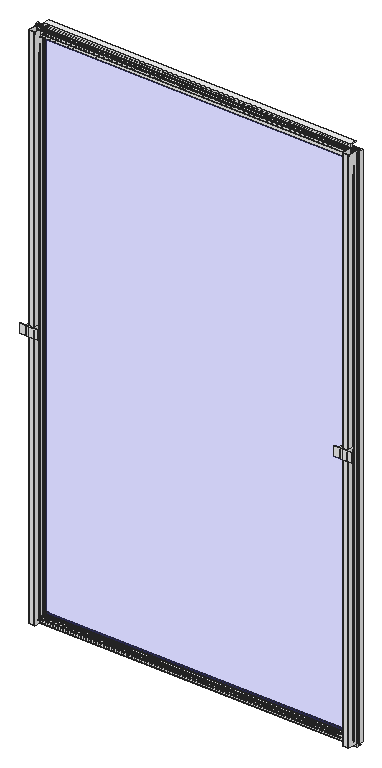
Revit family "Facade_60_Curtain_Wall_I11_Standard", category Windows, host Wall, Revit 2014
Parameters (values of type "F60-I11-3050-2000Pa")
  Windload Design [instance] = if(Custom Windload < 1001 mm, 1000 mm, if(Custom Windload < 1501 mm, 1500 mm, 2000 mm))  # 2000 mm
  Width [instance] = if(Custom Curtain Wall Width < Limit Door Width Min, Limit Door Width Min, if(Custom Curtain Wall Width > Limit Door Width Max, Limit Door Width Max, Custom Curtain Wall Width))  # 2990 mm
  Wall Thickness [instance] = 200 mm
  Vertical Profile Length [instance] = Height - Frame Bottom Gap  # 4960 mm
  URL = "http://www.crealco.co.za/crealco-products.php"
  Type Comments = ""
  Thermal Resistance (R) [instance] = if(IGDB or SAGDB Number = 100100, 1.0000 (m²·K)/W / Intruderprufe U Value, if(IGDB or SAGDB Number = 100100, 1.0000 (m²·K)/W / Intruderprufe U Value, if(IGDB or SAGDB Number = 105003, 1.0000 (m²·K)/W / Intruderprufe Insulated U Value, if(IGDB or SAGDB Number = 105004, 1.0000 (m²·K)/W / Intruderprufe Insulated LowE U Value, 1.0000 (m²·K)/W / 7.9)))) * 1  # 0.126582 (m²·K)/W
  Thermal Break Material = Plastic, Opaque Black
  Solar Heat Gain Coefficient [instance] = if(IGDB or SAGDB Number = 100100, Intruderprufe SHGC Value, if(IGDB or SAGDB Number = 103200, Intruderprufe LowE SHGC Value, if(IGDB or SAGDB Number = 105003, Intruderprufe Insulated SHGC Value, if(IGDB or SAGDB Number = 105004, Intruderprufe Insulated LowE SHGC Value, 0))))  # 0
  Single Glazing [instance] = if(DG Forced, 1 = 0, not(Double Glazing))  # yes
  Sill Height = 85 mm  # constant formula
  SG Forced [instance] = not(DG Forced)  # yes
  Quarter Expansion Break = no
  Overall Width [instance] = 2990 mm
  Overall Height [instance] = 4990 mm
  Mullion Configuration = 1 mm  # constant formula
  Model = "Facade 60"
  Max System DG Unit Thickness = 25 mm  # constant formula
  Max System DG One Piece Thickness [instance] = rounddown((Max System DG Unit Thickness - DG Gasket Thickness) / 2 mm) * 1 mm  # 6 mm
  Max Pane Area [instance] = Glazing Width * Glazing Height  # 14.2039 m²
  Manufacturer = "Crealco"
  Limit Door Width Min = Limit Panel Width Min + (2 * Glazing Side Gap)  # 379.6 mm
  Limit Door Width Max = Limit Panel Width Max + (2 * Glazing Side Gap)  # 3079.6 mm
  Limit Door Height Min = Limit Panel Height Min + Glazing Top Gap + Glazing Bottom Gap  # 409.6 mm
  Limit Door Height Max = Limit Panel Height Max + Glazing Top Gap + Glazing Bottom Gap  # 6109.6 mm
  Limit Panel Width Min = 300 mm  # constant formula
  Limit Panel Width Max = 3000 mm  # constant formula
  Limit Panel Height Min = 300 mm  # constant formula
  Limit Panel Height Max = 6000 mm  # constant formula
  Sill Length [instance] = Width  # 2990 mm
  Length Sill [instance] = Width  # 2990 mm
  Keynote = ""
  Jamb Width = 60 mm  # constant formula
  Intruderprufe U Value = 5.75
  Intruderprufe SHGC Value = 0.753
  Intruderprufe LowE U Value = 3.92
  Intruderprufe LowE SHGC Value = 0.659
  Intruderprufe Insulated U Value = 2.89
  Intruderprufe Insulated SHGC Value = 0.647
  Intruderprufe Insulated LowE U Value = 2.17
  Intruderprufe Insulated LowE SHGC Value = 0.583
  Horizontal Profile Length [instance] = Width - (2 * Jamb Width)  # 2870 mm
  Half Expansion Break = no
  Glazing Width [instance] = Horizontal Profile Length + (2 mm * 20.2)  # 2910.4 mm
  Glazing Top Gap = 39.8 mm  # constant formula
  Glazing Side Gap = 39.8 mm  # constant formula
  Glazing Height [instance] = Height - Glazing Top Gap - Glazing Bottom Gap  # 4880.4 mm
  Glazing Gap SG [instance] = (14 mm - SG Thickness) / 2  # 2 mm
  Glazing Gap DG [instance] = (28 mm - (DG Thickness + DG Thickness + DG Gasket Thickness)) / 2  # 2 mm
  Glazing Bottom Gap = 69.8 mm  # constant formula
  Frame Thickness = 101.8 mm  # constant formula
  Frame Bottom Gap = 30 mm  # constant formula
  Door Leaf Height [instance] = 2050 mm
  Double Glazing [instance] = no
  DG Thickness Calc [instance] = if(not(Max Pane Area > 1.125 m²), 4 mm, if(not(Max Pane Area > 2.25 m²), 4 mm, if(not(Max Pane Area > 3.15 m²), 5 mm, if(not(Max Pane Area > 4.35 m²), 6 mm, if(not(Max Pane Area > 6.45 m²), 8 mm, 10 mm)))))  # 10 mm
  DG Thickness [instance] = if(IGDB or SAGDB Number = 105003, 6 mm, if(IGDB or SAGDB Number = 105004, 7 mm, if(DG Thickness Calc > Max System DG One Piece Thickness, Max System DG One Piece Thickness, DG Thickness Calc)))  # 6 mm
  DG Gasket Thickness = 12 mm  # constant formula
  DG Gasket Finish [instance] = Double Glazing Gasket Material
  DG Forced [instance] = if(IGDB or SAGDB Number = 100100, 1 = 0, if(IGDB or SAGDB Number = 103200, 1 = 0, if(IGDB or SAGDB Number = 105003, 1 = 1, if(IGDB or SAGDB Number = 105004, 1 = 1, Double Glazing))))  # no
  IGDB or SAGDB Number [instance] = 0
  Height [instance] = if(Custom Curtain Wall Height < Limit Door Height Min, Limit Door Height Min, if(Custom Curtain Wall Height > Limit Door Height Max, Limit Door Height Max, Custom Curtain Wall Height))  # 4990 mm
  Heat Transfer Coefficient (U) [instance] = if(IGDB or SAGDB Number = 100100, Intruderprufe U Value, if(IGDB or SAGDB Number = 103200, Intruderprufe LowE U Value, if(IGDB or SAGDB Number = 105003, Intruderprufe Insulated U Value, if(IGDB or SAGDB Number = 105004, Intruderprufe Insulated LowE U Value, 7.9)))) * 1.0000 W/(m²·K)  # 7.9000 W/(m²·K)
  SG Thickness [instance] = if(IGDB or SAGDB Number = 100100, 6 mm, if(IGDB or SAGDB Number = 103200, 7 mm, if(not(Max Pane Area > 0.75 m²), 4 mm, if(not(Max Pane Area > 1.50 m²), 4 mm, if(not(Max Pane Area > 2.10 m²), 5 mm, if(not(Max Pane Area > 2.90 m²), 6.4 mm, if(not(Max Pane Area > 4.30 m²), 8 mm, 10 mm)))))))  # 10 mm
  Glazing Material [instance] = if(IGDB or SAGDB Number = 100100, "PFG INTRUDERPRUFE 6.38mm", if(IGDB or SAGDB Number = 103200, "PFG INTRUDERPRUFE LOW-E 7.38mm", if(IGDB or SAGDB Number = 105003, "PFG 25mm INTRUDERPRUFE INSULATED GLASS", if(IGDB or SAGDB Number = 105004, "PFG 25mm INTRUDERPRUFE INSULATED GLASS LOW-E", "Unknown"))))  # "Unknown"
  Glazing Finish [instance] = Glass
  Glazing Code [instance] = if(IGDB or SAGDB Number = 100100, "LAM01", if(IGDB or SAGDB Number = 103200, "LAM01E", if(IGDB or SAGDB Number = 105003, "IGU25", if(IGDB or SAGDB Number = 105004, "IGU25E", "Unknown"))))  # "Unknown"
  Frame Offset [instance] = if([100mm Mullion], 130 mm, if([160mm Mullion], 160 mm, 190 mm))  # 130 mm
  Description = "Curtain Wall, I11"  # constant formula
  Default Sill Height = 0 mm
  Wall Closure = By host
  Custom Curtain Wall Width = 2990 mm
  Custom Curtain Wall Height = 4990 mm
  Custom Windload = 2000 mm
  Custom Anchor Height = 0 mm
  Anchor Height [instance] = if(or(Custom Anchor Height < 42.5 mm, Custom Anchor Height > (Height - 42.5 mm)), (Height / 2) - 42.5 mm, Custom Anchor Height - 42.5 mm)  # 2452.5 mm
  Aluminium Finish [instance] = White Powder Coated Aluminium ANP 1052
  All Available Glazing Numbers [instance] = "The rows below list the available glazing materials for this window:"  # constant formula
  190mm Mullion = if(Mullion Configuration = 3 mm, 1 = 1, 1 = 0)  # no
  160mm Mullion = if(Mullion Configuration = 2 mm, 1 = 1, 1 = 0)  # no
  105004 [instance] = "IGU25E"  # constant formula
  105003 [instance] = "IGU25"  # constant formula
  103200 [instance] = "LAM01E"  # constant formula
  100mm Mullion = if(or(Mullion Configuration = 2 mm, Mullion Configuration = 3 mm), 1 = 0, 1 = 1)  # yes
  100100 [instance] = "LAM01"  # constant formula
Reference planes
  plane 1 "Center (Front/Back)": y = 0
  plane 2 "Center (Left/Right)": x = 0
  plane 3 "Left": x = -1495
  plane 4 "Right": x = 1495
  plane 5 "Sill": z = 0
  plane 6 "Head": z = 4990
  plane 7 "Exterior": y = 100
  plane 8 "Interior": y = -100
Lines and regions (mm)
  Opening 1
    outline origin (3507.082, -100, 0) x (1, 0, 0) y (0, 0, 1)
      loop
        line (-2012.082, 0) -> (-2012.082, 4990) -> (-5002.082, 4990) -> (-5002.082, 0) -> (-2012.082, 0)
Text (mm)
  text "EXTERIOR" at (-1963.203, 1332.353, 0), in view "Ref. Level"
  text "INTERIOR" at (-1981.466, -818.386, 0), in view "Ref. Level"
  text "Exterior" at (0, 923.751, 2943.296), in view "Right"
  text "Exterior" at (0, 1040.484, 2685.409), in view "Left"
Dimensions and locks
  equal spacing: plane 3 "Left", plane 2 "Center (Left/Right)", plane 4 "Right"
  "Width": plane 3 "Left" to plane 4 "Right"
  "Height": plane 5 "Sill" to plane 6 "Head"
  "Default Sill Height": plane 5 "Sill" to level
  locked: plane 7 "Exterior" to host wall at 0
  locked: plane 8 "Interior" to host wall
  "Overall Height": plane 6 "Head" to plane 5 "Sill"
  "Overall Width": plane 3 "Left" to plane 4 "Right"
  "Wall Thickness": host wall to host wall
  "Jamb Width": nested 3 to plane 4 "Right"
  "Jamb Width": nested 5 to plane 4 "Right"
  "Frame Bottom Gap": nested 5 to level
  "Glazing Side Gap": nested 6 to plane 4 "Right"
  "Glazing Top Gap": nested 6 to plane 6 "Head"
  "Glazing Gap SG": nested 6 to nested 1
  "Glazing Side Gap": nested 7 to plane 4 "Right"
  "Glazing Top Gap": nested 7 to plane 6 "Head"
  "Glazing Gap DG": nested 7 to nested 1
  locked: nested 1 to nested 5 at 8.887
  "Frame Offset": plane 8 "Interior" to nested 1
  "Anchor Height": nested 8 to level
  "Anchor Height": nested 9 to level
  aligned and locked: plane 4 "Right" to nested 1
  aligned and locked: nested 1 to plane 6 "Head"
  aligned and locked: plane 3 "Left" to nested 2
  aligned and locked: plane 6 "Head" to nested 2
  aligned and locked: nested 3 to plane 6 "Head"
  aligned and locked: nested 1 to nested 3
  aligned and locked: nested 4 to level
  aligned and locked: plane 4 "Right" to nested 4
  aligned and locked: nested 1 to nested 2
  aligned and locked: nested 5 to nested 4
  aligned and locked: nested 1 to nested 9
  aligned and locked: plane 8 "Interior" to nested 9
  aligned and locked: nested 8 to nested 2
  aligned and locked: plane 8 "Interior" to nested 8
Automatic sketch dimensions
  plane 3 "Left" to Opening 1 sketch curve = 0 mm
  plane 4 "Right" to Opening 1 sketch curve = 0 mm
  Opening 1 sketch curve to plane 5 "Sill" = 0 mm
  Opening 1 sketch curve to plane 6 "Head" = 0 mm
Nested families
  nested 1: "F60 Vertical Profile Side_I11_Std" at (1495, 35.2, 30) x (-1, 0, 0) z (0, 0, 1), Thermal Break Material <- "Thermal Break Material", Profile Material <- "Aluminium Finish", Length <- "Vertical Profile Length", Single Glazing <- "SG Forced", Double Glazing <- "DG Forced", 100mm Mullion <- "100mm Mullion", 160mm Mullion <- "160mm Mullion", 190mm Mullion <- "190mm Mullion", Quarter Expansion Break <- "Quarter Expansion Break", Half Expansion Break <- "Half Expansion Break", type "F60 Vertical Profile Side_I11_Std"
    with Thermal Break Material Plastic, Opaque Black, Single Glazing yes, Quarter SG Expansion Break no, Quarter Length 1240 mm, Quarter Expansion Break no, Quarter DG Expansion Break no, Quarter 190mm Expansion Break no, Quarter 160mm Expansion Break no, Quarter 100mm Expansion Break no, Profile Material White Powder Coated Aluminium ANP 1052, Length 4960 mm, Half SG Expansion Break no, Half Length 2480 mm, Half Expansion Break no, Half DG Expansion Break no, Half 190mm Expansion Joint no, Half 160mm Expansion Break no, Half 100mm Expansion Break no, Double Glazing no, 190mm Mullion no, 160mm Mullion no, 100mm Mullion yes
  nested 2: "F60 Vertical Profile Side_I11_Std" at (-1495, 35.2, 30), Thermal Break Material <- "Thermal Break Material", Profile Material <- "Aluminium Finish", Length <- "Vertical Profile Length", Single Glazing <- "SG Forced", Double Glazing <- "DG Forced", 100mm Mullion <- "100mm Mullion", 160mm Mullion <- "160mm Mullion", 190mm Mullion <- "190mm Mullion", Quarter Expansion Break <- "Quarter Expansion Break", Half Expansion Break <- "Half Expansion Break", type "F60 Vertical Profile Side_I11_Std"
    with Thermal Break Material Plastic, Opaque Black, Single Glazing yes, Quarter SG Expansion Break no, Quarter Length 1240 mm, Quarter Expansion Break no, Quarter DG Expansion Break no, Quarter 190mm Expansion Break no, Quarter 160mm Expansion Break no, Quarter 100mm Expansion Break no, Profile Material White Powder Coated Aluminium ANP 1052, Length 4960 mm, Half SG Expansion Break no, Half Length 2480 mm, Half Expansion Break no, Half DG Expansion Break no, Half 190mm Expansion Joint no, Half 160mm Expansion Break no, Half 100mm Expansion Break no, Double Glazing no, 190mm Mullion no, 160mm Mullion no, 100mm Mullion yes
  nested 3: "F60 Horizontal Profile Top_I11_Std" at (1435, -14.6, 4930) x (-1, 0, 0) z (0, 0, 1), Thermal Break Material <- "Thermal Break Material", Profile Material <- "Aluminium Finish", Length <- "Horizontal Profile Length", Single Glazing <- "SG Forced", Double Glazing <- "DG Forced", type "F60 Horizontal Profile Top_I11_Std"
    with Thermal Break Material Plastic, Opaque Black, Single Glazing yes, Profile Material White Powder Coated Aluminium ANP 1052, Length 2870 mm, Double Glazing no
  nested 4: "F60 Sill_I11_Std" at (1495, 22.771, -1.88) x (-1, 0, 0) z (0, 0, 1), Profile Material <- "Aluminium Finish", Length Sill <- "Length Sill", type "F60 Sill_I11_Std"
    with Profile Material White Powder Coated Aluminium ANP 1052, Length Sill 2990 mm
  nested 5: "F60 Horizontal Profile Bottom_I11_Std" at (1435, -14.6, 30) x (-1, 0, 0) z (0, 0, 1), Thermal Break Material <- "Thermal Break Material", Profile Material <- "Aluminium Finish", Length <- "Horizontal Profile Length", Single Glazing <- "SG Forced", Double Glazing <- "DG Forced", type "F60 Horizontal Profile Bottom_I11_Std"
    with Thermal Break Material Plastic, Opaque Black, Single Glazing yes, Profile Material White Powder Coated Aluminium ANP 1052, Length 2870 mm, Double Glazing no
  nested 6: "F60_Single_Glazing_I11_Std" at (1455.2, 47.2, 69.8), Glazing Width <- "Glazing Width", Glazing Height <- "Glazing Height", SG Thickness <- "SG Thickness", Glazing Finish <- "Glazing Finish", visible <- "SG Forced", type "F60_Single_Glazing_I11_Std"
    with SG Thickness 10 mm, Glazing Width 2910.4 mm, Glazing Height 4880.4 mm, Glazing Finish Glass
  nested 7: "F60_Double_Glazing_I11_Std" at (1455.2, 61.2, 69.8), Glazing Material <- "Glazing Finish", Double Glazing Gasket Material <- "DG Gasket Finish", Glazing Width <- "Glazing Width", Glazing Height <- "Glazing Height", Glazing Thickness DG <- "DG Thickness", Double Glazing Gasket Thickness <- "DG Gasket Thickness", visible <- "DG Forced", type "F60_Double_Glazing_I11_Std"
    with Glazing Width 2910.4 mm, Glazing Thickness DG 6 mm, Glazing Material Glass, Glazing Height 4880.4 mm, Double Glazing Gasket Thickness 12 mm, Double Glazing Gasket Material Double Glazing Gasket Material
  nested 8: "F60 Intermediate Anchor_I11_Std" at (-1572.715, -189.531, 2452.5), Profile Material <- "Aluminium Finish", type "F60 Intermediate Anchor_I11_Std"
    with Profile Material White Powder Coated Aluminium ANP 1052
  nested 9: "F60 Intermediate Anchor_I11_Std" at (1355.297, -189.531, 2452.5), Profile Material <- "Aluminium Finish", type "F60 Intermediate Anchor_I11_Std"
    with Profile Material White Powder Coated Aluminium ANP 1052
Definition of nested family "F60 Vertical Profile Side_I11_Std"
  Parameters (values of type "F60 Vertical Profile Side")
    Quarter SG Expansion Break [instance] = if(and(Quarter Expansion Break, Single Glazing), 1 = 1, 1 = 0)  # yes
    Quarter Length [instance] = Length / 4  # 62.5 mm
    Thermal Break Material [instance] = none
    Single Glazing [instance] = yes
    Quarter Expansion Break [instance] = yes
    Quarter DG Expansion Break [instance] = if(and(Quarter Expansion Break, Double Glazing), 1 = 1, 1 = 0)  # yes
    Quarter 190mm Expansion Break [instance] = if(and(Quarter Expansion Break, [190mm Mullion]), 1 = 1, 1 = 0)  # yes
    Quarter 160mm Expansion Break [instance] = if(and(Quarter Expansion Break, [160mm Mullion]), 1 = 1, 1 = 0)  # yes
    Quarter 100mm Expansion Break [instance] = if(and(Quarter Expansion Break, [100mm Mullion]), 1 = 1, 1 = 0)  # yes
    Profile Material [instance] = none
    Length [instance] = 250 mm
    Half SG Expansion Break [instance] = if(and(Half Expansion Break, Single Glazing), 1 = 1, 1 = 0)  # yes
    Half Length [instance] = Length / 2  # 125 mm
    Half Expansion Break [instance] = yes
    Half DG Expansion Break [instance] = if(and(Half Expansion Break, Double Glazing), 1 = 1, 1 = 0)  # yes
    Half 190mm Expansion Joint [instance] = if(and(Half Expansion Break, [190mm Mullion]), 1 = 1, 1 = 0)  # yes
    Half 160mm Expansion Break [instance] = if(and(Half Expansion Break, [160mm Mullion]), 1 = 1, 1 = 0)  # yes
    Half 100mm Expansion Break [instance] = if(and(Half Expansion Break, [100mm Mullion]), 1 = 1, 1 = 0)  # yes
    Double Glazing [instance] = yes
    190mm Mullion [instance] = yes
    160mm Mullion [instance] = yes
    100mm Mullion [instance] = yes
  Reference planes
    plane 1 "Center (Front/Back)": y = 0
    plane 2: z = 0
    plane 3 "Center (Left/Right)": x = 0
  Forms (mm)
    Extrusion 1, solid, material <- "Profile Material"
      sketch origin (0, 0, 0) x (1, 0, 0) y (0, 1, 0)
        loop
          arc (25.249, -8.7) -> (25.484, -9.266) -> (26.049, -9.5) r 0.8
          line (26.049, -9.5) -> (27.1, -9.5) -> (27.1, 7) -> (32.902, 7) -> (32.902, -9.5) -> (33.951, -9.5)
          arc (33.951, -9.5) -> (34.516, -9.266) -> (34.751, -8.7) r 0.8
          line (34.751, -8.7) -> (34.751, 6.2)
          arc (34.751, 6.2) -> (34.985, 6.766) -> (35.551, 7) r 0.8
          line (35.551, 7) -> (52.1, 7) -> (52.1, 5.4) -> (50.55, 5.4) -> (50.55, 4.55)
          arc (50.55, 4.55) -> (50.726, 4.126) -> (51.15, 3.95) r 0.6
          line (51.15, 3.95) -> (52.1, 3.95) -> (52.1, 1)
          arc (52.1, 1) -> (51.6, 0.5) -> (52.1, 0) r 0.5
          line (52.1, 0) -> (54.45, 0) -> (54.45, 1.15) -> (53.3, 1.15) -> (53.3, 2.45) -> (58.8, 2.45) -> (58.8, 1.15) -> (57.65, 1.15) -> (57.65, 0) -> (59.5, 0)
          arc (59.5, 0) -> (59.854, 0.146) -> (60, 0.5) r 0.5
          line (60, 0.5) -> (60, 3.9) -> (53.55, 3.9) -> (53.55, 7.6)
          arc (53.55, 7.6) -> (53.316, 8.166) -> (52.75, 8.4) r 0.8
          line (52.75, 8.4) -> (30, 8.4) -> (7.25, 8.4)
          arc (7.25, 8.4) -> (6.684, 8.166) -> (6.45, 7.6) r 0.8
          line (6.45, 7.6) -> (6.45, 3.9) -> (0, 3.9) -> (0, 0.5)
          arc (0, 0.5) -> (0.146, 0.146) -> (0.5, 0) r 0.5
          line (0.5, 0) -> (2.35, 0) -> (2.35, 1.15) -> (1.2, 1.15) -> (1.2, 2.45) -> (6.7, 2.45) -> (6.7, 1.15) -> (5.55, 1.15) -> (5.55, 0) -> (7.9, 0)
          arc (7.9, 0) -> (8.4, 0.5) -> (7.9, 1) r 0.5
          line (7.9, 1) -> (7.9, 3.95) -> (8.85, 3.95)
          arc (8.85, 3.95) -> (9.274, 4.126) -> (9.45, 4.55) r 0.6
          line (9.45, 4.55) -> (9.45, 5.4) -> (7.9, 5.4) -> (7.9, 7) -> (24.449, 7)
          arc (24.449, 7) -> (25.015, 6.766) -> (25.249, 6.2) r 0.8
          line (25.249, 6.2) -> (25.249, -8.7)
      from 0 to 250 <- "Length"
    Extrusion 2, solid, material <- "Thermal Break Material"
      sketch origin (0, 0, 0) x (1, 0, 0) y (0, 1, 0)
        loop
          line (1.75, 9.8) -> (1.75, 5.2) -> (0, 5.2) -> (0, 3.9) -> (6.35, 3.9) -> (6.35, 7.856)
          arc (6.35, 7.856) -> (6.526, 8.281) -> (6.95, 8.456) r 0.6
          line (6.95, 8.456) -> (30, 8.456) -> (53.05, 8.456)
          arc (53.05, 8.456) -> (53.474, 8.281) -> (53.65, 7.856) r 0.6
          line (53.65, 7.856) -> (53.65, 3.9) -> (60, 3.9) -> (60, 5.2) -> (58.25, 5.2) -> (58.25, 9.8) -> (30, 9.8) -> (1.75, 9.8)
      from 0 to 250 <- "Length"
    Extrusion 3, solid, material <- "Thermal Break Material", visible <- "Single Glazing"
      sketch origin (0, 0, 0) x (1, 0, 0) y (0, 1, 0)
        loop
          line (25.749, -14.011) -> (27.672, -14.011) -> (28.481, -12.611) -> (31.518, -12.611) -> (32.327, -14.011) -> (34.249, -14.011)
          arc (34.249, -14.011) -> (34.603, -13.864) -> (34.749, -13.511) r 0.5
          line (34.749, -13.511) -> (34.749, -10.011)
          arc (34.749, -10.011) -> (34.603, -9.657) -> (34.249, -9.511) r 0.5
          line (34.249, -9.511) -> (32.352, -9.511) -> (32.352, 0.19) -> (31.349, 2.261)
          arc (31.349, 2.261) -> (29.999, 2.986) -> (28.649, 2.261) r 1.62
          line (28.649, 2.261) -> (27.647, 0.19) -> (27.647, -9.511) -> (25.749, -9.511)
          arc (25.749, -9.511) -> (25.396, -9.657) -> (25.249, -10.011) r 0.5
          line (25.249, -10.011) -> (25.249, -13.511)
          arc (25.249, -13.511) -> (25.396, -13.864) -> (25.749, -14.011) r 0.5
        loop
          line (28.504, -10.005) -> (28.504, -10.861)
          arc (28.504, -10.861) -> (28.651, -11.214) -> (29.004, -11.361) r 0.5
          line (29.004, -11.361) -> (30.994, -11.361)
          arc (30.994, -11.361) -> (31.348, -11.214) -> (31.494, -10.861) r 0.5
          line (31.494, -10.861) -> (31.494, -10.005) -> (30.708, -9.219)
          arc (30.708, -9.219) -> (30.383, -9.001) -> (29.999, -8.924) r 1.007
          arc (29.999, -8.924) -> (29.616, -8.999) -> (29.292, -9.217) r 0.986
          line (29.292, -9.217) -> (28.504, -10.005)
        loop
          arc (30.896, 1.935) -> (29.887, 2.44) -> (29.005, 1.735) r 1.047
          line (29.005, 1.735) -> (28.347, 0.374) -> (28.347, -6.993)
          arc (28.347, -6.993) -> (28.583, -7.417) -> (29.068, -7.441) r 0.5
          arc (29.068, -7.441) -> (29.999, -7.223) -> (30.93, -7.441) r 2.099
          arc (30.93, -7.441) -> (31.416, -7.417) -> (31.652, -6.993) r 0.5
          line (31.652, -6.993) -> (31.652, 0.374) -> (30.896, 1.935)
      from 0 to 250 <- "Length"
    Extrusion 4, solid, material <- "Profile Material", visible <- "Single Glazing"
      sketch origin (0, 0, 0) x (1, 0, 0) y (0, 1, 0)
        loop
          line (52.693, -14.011) -> (32.327, -14.011) -> (31.519, -12.611) -> (28.481, -12.611) -> (27.673, -14.011) -> (7.307, -14.011) -> (7.307, -15.011) -> (8.457, -15.011) -> (8.457, -16.261) -> (2.957, -16.261) -> (2.957, -15.011) -> (4.107, -15.011) -> (4.107, -14.011) -> (1.707, -14.011)
          arc (1.707, -14.011) -> (1.199, -14.293) -> (1.168, -14.873) r 0.6
          line (1.168, -14.873) -> (2.093, -16.772) -> (1.015, -17.298) -> (1.484, -18.261) -> (11.488, -18.261)
          arc (11.488, -18.261) -> (11.913, -18.085) -> (12.088, -17.661) r 0.6
          line (12.088, -17.661) -> (12.088, -16.811) -> (47.912, -16.811) -> (47.912, -17.661)
          arc (47.912, -17.661) -> (48.088, -18.085) -> (48.512, -18.261) r 0.6
          line (48.512, -18.261) -> (58.518, -18.261) -> (58.987, -17.298) -> (57.908, -16.772) -> (58.834, -14.874)
          arc (58.834, -14.874) -> (58.802, -14.293) -> (58.293, -14.011) r 0.6
          line (58.293, -14.011) -> (55.893, -14.011) -> (55.893, -15.011) -> (57.043, -15.011) -> (57.043, -16.261) -> (51.543, -16.261) -> (51.543, -15.011) -> (52.693, -15.011) -> (52.693, -14.011)
      from 0 to 250 <- "Length"
    Extrusion 5, solid, material <- "Profile Material", visible <- "Single Glazing"
      sketch origin (0, 0, 0) x (1, 0, 0) y (0, 1, 0)
        loop
          line (2.801, -18.261) -> (1.484, -18.261) -> (1.015, -17.298) -> (2.093, -16.772) -> (0.779, -14.076)
          arc (0.779, -14.076) -> (0.239, -14.21) -> (0.001, -14.713) r 0.65
          line (0.001, -14.713) -> (0.001, -28.068)
          arc (0.001, -28.068) -> (1.172, -30.897) -> (4.001, -32.068) r 4
          line (4.001, -32.068) -> (30.001, -32.068) -> (56.001, -32.068)
          arc (56.001, -32.068) -> (58.829, -30.897) -> (60.001, -28.068) r 4
          line (60.001, -28.068) -> (60.001, -14.713)
          arc (60.001, -14.713) -> (59.763, -14.21) -> (59.223, -14.076) r 0.65
          line (59.223, -14.076) -> (57.908, -16.772) -> (58.987, -17.298) -> (58.518, -18.261) -> (57.201, -18.261)
          arc (57.201, -18.261) -> (56.83, -18.425) -> (56.703, -18.811) r 0.5
          arc (56.703, -18.811) -> (56.83, -19.196) -> (57.201, -19.361) r 0.5
          line (57.201, -19.361) -> (58.951, -19.361) -> (58.951, -27.968)
          arc (58.951, -27.968) -> (58.131, -29.948) -> (56.151, -30.768) r 2.8
          line (56.151, -30.768) -> (30.001, -30.768) -> (3.851, -30.768)
          arc (3.851, -30.768) -> (1.871, -29.948) -> (1.051, -27.968) r 2.8
          line (1.051, -27.968) -> (1.051, -19.361) -> (2.801, -19.361)
          arc (2.801, -19.361) -> (3.172, -19.196) -> (3.298, -18.811) r 0.5
          arc (3.298, -18.811) -> (3.172, -18.425) -> (2.801, -18.261) r 0.5
      from 0 to 250 <- "Length"
    Extrusion 6, solid, material <- "Profile Material", visible <- "100mm Mullion"
      sketch origin (0, 0, 0) x (1, 0, 0) y (0, 1, 0)
        loop
          line (14.02, 13) -> (45.98, 13)
          arc (45.98, 13) -> (46.539, 12.842) -> (46.917, 12.4) r 1
          arc (46.917, 12.4) -> (47.285, 11.963) -> (47.833, 11.8) r 1
          line (47.833, 11.8) -> (58.15, 11.8) -> (58.15, 96.3) -> (47.833, 96.3)
          arc (47.833, 96.3) -> (47.285, 96.137) -> (46.917, 95.7) r 1
          arc (46.917, 95.7) -> (46.548, 95.263) -> (46, 95.1) r 1
          line (46, 95.1) -> (14, 95.1)
          arc (14, 95.1) -> (13.452, 95.263) -> (13.083, 95.7) r 1
          arc (13.083, 95.7) -> (12.715, 96.137) -> (12.167, 96.3) r 1
          line (12.167, 96.3) -> (1.85, 96.3) -> (1.85, 11.8) -> (12.167, 11.8)
          arc (12.167, 11.8) -> (12.715, 11.963) -> (13.083, 12.4) r 1
          arc (13.083, 12.4) -> (13.461, 12.842) -> (14.02, 13) r 1
        loop
          line (1.65, 9.856) -> (58.35, 9.856) -> (58.35, 5.2) -> (60, 5.2) -> (60, 98.8)
          arc (60, 98.8) -> (59.707, 99.507) -> (59, 99.8) r 1
          line (59, 99.8) -> (1, 99.8)
          arc (1, 99.8) -> (0.293, 99.507) -> (0, 98.8) r 1
          line (0, 98.8) -> (0, 5.2) -> (1.65, 5.2) -> (1.65, 9.856)
      from 0 to 250 <- "Length"
    Extrusion 7, solid, material <- "Profile Material", visible <- "160mm Mullion"
      sketch origin (0, 0, 0) x (1, 0, 0) y (0, 1, 0)
        loop
          arc (2.35, 15.6) -> (2.526, 15.176) -> (2.95, 15) r 0.6
          line (2.95, 15) -> (57.05, 15)
          arc (57.05, 15) -> (57.474, 15.176) -> (57.65, 15.6) r 0.6
          line (57.65, 15.6) -> (57.65, 153.7)
          arc (57.65, 153.7) -> (57.474, 154.124) -> (57.05, 154.3) r 0.6
          line (57.05, 154.3) -> (47.833, 154.3)
          arc (47.833, 154.3) -> (47.285, 154.137) -> (46.917, 153.7) r 1
          arc (46.917, 153.7) -> (46.548, 153.263) -> (46, 153.1) r 1
          line (46, 153.1) -> (14, 153.1)
          arc (14, 153.1) -> (13.452, 153.263) -> (13.083, 153.7) r 1
          arc (13.083, 153.7) -> (12.715, 154.137) -> (12.167, 154.3) r 1
          line (12.167, 154.3) -> (2.95, 154.3)
          arc (2.95, 154.3) -> (2.526, 154.124) -> (2.35, 153.7) r 0.6
          line (2.35, 153.7) -> (2.35, 15.6)
        loop
          arc (1, 159.8) -> (0.293, 159.507) -> (0, 158.8) r 1
          line (0, 158.8) -> (0, 5.2) -> (1.65, 5.2) -> (1.65, 10.013) -> (58.35, 10.013) -> (58.35, 5.2) -> (60, 5.2) -> (60, 158.8)
          arc (60, 158.8) -> (59.707, 159.507) -> (59, 159.8) r 1
          line (59, 159.8) -> (1, 159.8)
      from 0 to 250 <- "Length"
    Extrusion 8, solid, material <- "Profile Material", visible <- "190mm Mullion"
      sketch origin (0, 0, 0) x (1, 0, 0) y (0, 1, 0)
        loop
          line (57.25, 15.1) -> (57.25, 178.3)
          arc (57.25, 178.3) -> (56.957, 179.007) -> (56.25, 179.3) r 1
          line (56.25, 179.3) -> (3.75, 179.3)
          arc (3.75, 179.3) -> (3.043, 179.007) -> (2.75, 178.3) r 1
          line (2.75, 178.3) -> (2.75, 15.1)
          arc (2.75, 15.1) -> (2.984, 14.534) -> (3.55, 14.3) r 0.8
          line (3.55, 14.3) -> (56.45, 14.3)
          arc (56.45, 14.3) -> (57.016, 14.534) -> (57.25, 15.1) r 0.8
        loop
          line (60, 5.2) -> (60, 188.8)
          arc (60, 188.8) -> (59.707, 189.507) -> (59, 189.8) r 1
          line (59, 189.8) -> (1, 189.8)
          arc (1, 189.8) -> (0.293, 189.507) -> (0, 188.8) r 1
          line (0, 188.8) -> (0, 5.2) -> (1.65, 5.2) -> (1.65, 9.856) -> (58.35, 9.856) -> (58.35, 5.2) -> (60, 5.2)
      from 0 to 250 <- "Length"
    Extrusion 9, solid, material <- "Thermal Break Material", visible <- "Double Glazing"
      sketch origin (0, 0, 0) x (1, 0, 0) y (0, 1, 0)
        loop
          line (27.672, -28) -> (28.48, -26.6) -> (31.518, -26.6) -> (32.326, -28) -> (34.249, -28)
          arc (34.249, -28) -> (34.603, -27.854) -> (34.749, -27.5) r 0.5
          line (34.749, -27.5) -> (34.749, -10)
          arc (34.749, -10) -> (34.603, -9.646) -> (34.249, -9.5) r 0.5
          line (34.249, -9.5) -> (32.352, -9.5) -> (32.352, 0.198) -> (31.348, 2.272)
          arc (31.348, 2.272) -> (29.998, 2.997) -> (28.648, 2.272) r 1.62
          line (28.648, 2.272) -> (27.645, 0.201) -> (27.645, -9.5) -> (25.749, -9.5)
          arc (25.749, -9.5) -> (25.396, -9.646) -> (25.249, -10) r 0.5
          line (25.249, -10) -> (25.249, -27.5)
          arc (25.249, -27.5) -> (25.396, -27.854) -> (25.749, -28) r 0.5
          line (25.749, -28) -> (27.672, -28)
        loop
          arc (30.706, -9.206) -> (30.382, -8.99) -> (29.999, -8.913) r 1.007
          arc (29.999, -8.913) -> (29.616, -8.988) -> (29.292, -9.206) r 0.986
          line (29.292, -9.206) -> (27.142, -11.356)
          arc (27.142, -11.356) -> (26.926, -11.68) -> (26.849, -12.063) r 1
          line (26.849, -12.063) -> (26.849, -24)
          arc (26.849, -24) -> (27.142, -24.707) -> (27.849, -25) r 1
          line (27.849, -25) -> (32.149, -25)
          arc (32.149, -25) -> (32.856, -24.707) -> (33.149, -24) r 1
          line (33.149, -24) -> (33.149, -12.063)
          arc (33.149, -12.063) -> (33.073, -11.68) -> (32.856, -11.356) r 1
          line (32.856, -11.356) -> (30.706, -9.206)
        loop
          arc (28.345, -6.982) -> (28.581, -7.407) -> (29.067, -7.43) r 0.5
          arc (29.067, -7.43) -> (29.998, -7.213) -> (30.929, -7.43) r 2.099
          arc (30.929, -7.43) -> (31.414, -7.407) -> (31.651, -6.982) r 0.5
          line (31.651, -6.982) -> (31.651, 0.385) -> (30.895, 1.946)
          arc (30.895, 1.946) -> (29.885, 2.45) -> (29.004, 1.745) r 1.047
          line (29.004, 1.745) -> (28.345, 0.385) -> (28.345, -6.982)
      from 0 to 250 <- "Length"
    Extrusion 10, solid, material <- "Profile Material", visible <- "Double Glazing"
      sketch origin (0, 0, 0) x (1, 0, 0) y (0, 1, 0)
        loop
          line (52.692, -28) -> (32.327, -28) -> (31.518, -26.6) -> (28.48, -26.6) -> (27.672, -28) -> (7.306, -28) -> (7.306, -29) -> (8.456, -29) -> (8.456, -30.25) -> (2.956, -30.25) -> (2.956, -29) -> (4.106, -29) -> (4.106, -28) -> (1.706, -28)
          arc (1.706, -28) -> (1.198, -28.282) -> (1.167, -28.863) r 0.6
          line (1.167, -28.863) -> (2.093, -30.762) -> (1.014, -31.288) -> (1.483, -32.25) -> (11.488, -32.25)
          arc (11.488, -32.25) -> (11.912, -32.074) -> (12.088, -31.65) r 0.6
          line (12.088, -31.65) -> (12.088, -30.8) -> (47.911, -30.8) -> (47.911, -31.65)
          arc (47.911, -31.65) -> (48.087, -32.074) -> (48.511, -32.25) r 0.6
          line (48.511, -32.25) -> (58.517, -32.25) -> (58.986, -31.288) -> (57.907, -30.762) -> (58.833, -28.864)
          arc (58.833, -28.864) -> (58.801, -28.282) -> (58.292, -28) r 0.6
          line (58.292, -28) -> (55.892, -28) -> (55.892, -29) -> (57.042, -29) -> (57.042, -30.25) -> (51.542, -30.25) -> (51.542, -29) -> (52.692, -29) -> (52.692, -28)
      from 0 to 250 <- "Length"
    Extrusion 11, solid, material <- "Profile Material", visible <- "Double Glazing"
      sketch origin (0, 0, 0) x (1, 0, 0) y (0, 1, 0)
        loop
          line (2.8, -32.25) -> (1.483, -32.25) -> (1.014, -31.288) -> (2.093, -30.762) -> (0.778, -28.065)
          arc (0.778, -28.065) -> (0.238, -28.2) -> (0, -28.702) r 0.65
          line (0, -28.702) -> (0, -42.058)
          arc (0, -42.058) -> (1.172, -44.886) -> (4, -46.058) r 4
          line (4, -46.058) -> (30, -46.058) -> (56, -46.058)
          arc (56, -46.058) -> (58.828, -44.886) -> (60, -42.058) r 4
          line (60, -42.058) -> (60, -28.702)
          arc (60, -28.702) -> (59.762, -28.2) -> (59.222, -28.065) r 0.65
          line (59.222, -28.065) -> (57.907, -30.762) -> (58.986, -31.288) -> (58.517, -32.25) -> (57.2, -32.25)
          arc (57.2, -32.25) -> (56.829, -32.415) -> (56.703, -32.8) r 0.5
          arc (56.703, -32.8) -> (56.829, -33.185) -> (57.2, -33.35) r 0.5
          line (57.2, -33.35) -> (58.95, -33.35) -> (58.95, -41.958)
          arc (58.95, -41.958) -> (58.13, -43.938) -> (56.15, -44.758) r 2.8
          line (56.15, -44.758) -> (30, -44.758) -> (3.85, -44.758)
          arc (3.85, -44.758) -> (1.87, -43.938) -> (1.05, -41.958) r 2.8
          line (1.05, -41.958) -> (1.05, -33.35) -> (2.8, -33.35)
          arc (2.8, -33.35) -> (3.171, -33.185) -> (3.297, -32.8) r 0.5
          arc (3.297, -32.8) -> (3.171, -32.415) -> (2.8, -32.25) r 0.5
      from 0 to 250 <- "Length"
    Extrusion 12, solid, material <- "Profile Material", visible <- "Single Glazing"
      sketch origin (0, 0, 0) x (1, 0, 0) y (0, 1, 0)
        loop
          line (10.403, -10.171) -> (10.403, -3.821) -> (-21.349, -3.821) -> (-21.349, -35.567) -> (-14.999, -35.567) -> (-14.999, -10.171) -> (10.403, -10.171)
      from 0 to 250 <- "Length"
    Extrusion 13, solid, material <- "Profile Material", visible <- "Double Glazing"
      sketch origin (0, 0, 0) x (1, 0, 0) y (0, 1, 0)
        loop
          line (10.402, -7.775) -> (10.402, -1.425) -> (-21.35, -1.425) -> (-21.35, -33.172) -> (-15, -33.172) -> (-15, -7.775) -> (10.402, -7.775)
      from 0 to 250 <- "Length"
    Extrusion 14, solid, material <- "Profile Material", visible <- "Double Glazing"
      sketch origin (0, 0, 0) x (1, 0, 0) y (0, 1, 0)
        loop
          line (12, -7.775) -> (0, -7.775) -> (0, -25.775) -> (12, -25.775) -> (12, -7.775)
        loop
          line (10.8, -8.975) -> (1.2, -8.975) -> (1.2, -24.575) -> (10.8, -24.575) -> (10.8, -8.975)
      from 0 to 250 <- "Length"
  Lines and regions (mm)
    model lines, style "GenericModelHiddenLines", visible <- "Half 100mm Expansion Break"
      curve 1: line (60, 5.2, 125) -> (60, 95.2, 125)
      curve 2: line (60, 99.8, 125) -> (0, 99.8, 125)
      curve 8: line (0, 5.2, 125) -> (0, 95.2, 125)
    model lines, style "GenericModelHiddenLines", visible <- "Quarter 100mm Expansion Break"
      curve 3: line (60, 5.2, 187.5) -> (60, 95.2, 187.5)
      curve 4: line (60, 5.2, 62.5) -> (60, 95.2, 62.5)
      curve 5: line (60, 99.8, 62.5) -> (0, 99.8, 62.5)
      curve 6: line (60, 99.8, 187.5) -> (0, 99.8, 187.5)
      curve 7: line (0, 5.2, 187.5) -> (0, 95.2, 187.5)
      curve 9: line (0, 5.2, 62.5) -> (0, 95.2, 62.5)
    model lines, style "GenericModelHiddenLines", visible <- "Half SG Expansion Break"
      curve 10: line (4.107, -32.068, 125) -> (55.893, -32.068, 125)
      curve 14: line (60.001, -14.011, 125) -> (60.001, -32.068, 125)
    model lines, style "GenericModelHiddenLines", visible <- "Quarter SG Expansion Break"
      curve 11: line (4.107, -32.068, 187.5) -> (56.703, -32.068, 187.5)
      curve 12: line (4.107, -32.068, 62.5) -> (56.703, -32.068, 62.5)
      curve 13: line (60.001, -14.011, 187.5) -> (60.001, -32.068, 187.5)
      curve 15: line (60.001, -14.011, 62.5) -> (60.001, -32.068, 62.5)
    model lines, style "GenericModelHiddenLines", visible <- "Quarter 160mm Expansion Break"
      curve 16: line (0, 5.2, 187.5) -> (0, 155.2, 187.5)
      curve 18: line (0, 5.2, 62.5) -> (0, 155.2, 62.5)
      curve 19: line (0, 159.8, 187.5) -> (60, 159.8, 187.5)
      curve 21: line (0, 159.8, 62.5) -> (60, 159.8, 62.5)
      curve 22: line (60, 5.2, 187.5) -> (60, 155.2, 187.5)
      curve 24: line (60, 5.2, 62.5) -> (60, 155.2, 62.5)
    model lines, style "GenericModelHiddenLines", visible <- "Half 160mm Expansion Break"
      curve 17: line (0, 5.2, 125) -> (0, 155.2, 125)
      curve 20: line (0, 159.8, 125) -> (60, 159.8, 125)
      curve 23: line (60, 5.2, 125) -> (60, 155.2, 125)
    model lines, style "GenericModelHiddenLines", visible <- "Quarter 190mm Expansion Break"
      curve 25: line (0, 5.2, 187.5) -> (0, 185.2, 187.5)
      curve 27: line (0, 5.2, 62.5) -> (0, 185.2, 62.5)
      curve 28: line (0.779, 189.8, 187.5) -> (59.222, 189.8, 187.5)
      curve 30: line (0.779, 189.8, 62.5) -> (59.222, 189.8, 62.5)
      curve 31: line (60, 5.2, 187.5) -> (60, 185.2, 187.5)
      curve 33: line (60, 5.2, 62.5) -> (60, 185.2, 62.5)
    model lines, style "GenericModelHiddenLines", visible <- "Half 190mm Expansion Joint"
      curve 26: line (0, 5.2, 125) -> (0, 185.2, 125)
      curve 29: line (0.779, 189.8, 125) -> (59.222, 189.8, 125)
      curve 32: line (60, 5.2, 125) -> (60, 185.2, 125)
    model lines, style "GenericModelHiddenLines", visible <- "Quarter DG Expansion Break"
      curve 34: line (60, -28.065, 187.5) -> (60, -46.074, 187.5)
      curve 36: line (60, -28.065, 62.5) -> (60, -46.027, 62.5)
      curve 37: line (59.222, -46.058, 187.5) -> (0.779, -46.058, 187.5)
      curve 39: line (59.222, -46.058, 62.5) -> (0.779, -46.058, 62.5)
    model lines, style "GenericModelHiddenLines", visible <- "Half DG Expansion Break"
      curve 35: line (60, -28.065, 125) -> (60, -46.074, 125)
      curve 38: line (59.222, -46.058, 125) -> (0.779, -46.058, 125)
  Dimensions and locks
    "Half Length": curve 1 to level
    "Half Length": level to curve 2
    "Quarter Length": curve 4 to level
    "Quarter Length": Extrusion 8 to curve 3
    "Quarter Length": level to curve 5
    "Quarter Length": curve 6 to Extrusion 6
    "Quarter Length": curve 9 to level
    "Half Length": curve 8 to level
    "Quarter Length": Extrusion 8 to curve 7
    "Quarter Length": curve 12 to level
    "Half Length": curve 10 to level
    "Quarter Length": Extrusion 5 to curve 11
    "Quarter Length": curve 15 to level
    "Half Length": curve 14 to level
    "Quarter Length": Extrusion 5 to curve 13
    "Quarter Length": Extrusion 7 to curve 18
    "Half Length": Extrusion 7 to curve 17
    "Quarter Length": Extrusion 7 to curve 16
    "Quarter Length": Extrusion 7 to curve 21
    "Quarter Length": curve 19 to Extrusion 7
    "Half Length": Extrusion 7 to curve 20
    "Quarter Length": Extrusion 7 to curve 24
    "Quarter Length": Extrusion 7 to curve 22
    "Half Length": Extrusion 7 to curve 23
    "Quarter Length": Extrusion 8 to curve 27
    "Quarter Length": Extrusion 8 to curve 25
    "Half Length": Extrusion 8 to curve 26
    "Quarter Length": Extrusion 8 to curve 30
    "Quarter Length": curve 28 to Extrusion 8
    "Half Length": Extrusion 8 to curve 29
    "Quarter Length": Extrusion 8 to curve 33
    "Quarter Length": Extrusion 8 to curve 31
    "Half Length": Extrusion 8 to curve 32
    "Quarter Length": Extrusion 11 to curve 36
    "Quarter Length": Extrusion 11 to curve 34
    "Half Length": Extrusion 11 to curve 35
    "Quarter Length": Extrusion 11 to curve 37
    "Quarter Length": curve 39 to Extrusion 11
    "Half Length": curve 38 to Extrusion 11
    aligned and locked: level to plane 2
  Automatic sketch dimensions
    Extrusion 1 sketch curve to plane 3 "Center (Left/Right)" = 0 mm
    plane 1 "Center (Front/Back)" to Extrusion 1 sketch curve = 0 mm  (x4)
    plane 3 "Center (Left/Right)" to Extrusion 1 sketch curve = 0.5 mm
    Extrusion 1 sketch curve to Extrusion 1 sketch curve = 0.7 mm  (x2)
    Extrusion 1 sketch curve to Extrusion 1 sketch curve = 1.15 mm  (x4)
    Extrusion 1 sketch curve to Extrusion 1 sketch curve = 3.2 mm  (x2)
    Extrusion 1 sketch curve to Extrusion 1 sketch curve = 0.9 mm
    Extrusion 1 sketch curve to Extrusion 1 sketch curve = 0.25 mm
    Extrusion 1 sketch curve to Extrusion 1 sketch curve = 0.8 mm  (x7)
    Extrusion 1 sketch curve to Extrusion 1 sketch curve = 1.45 mm  (x2)
    Extrusion 1 sketch curve to Extrusion 1 sketch curve = 0.65 mm  (x3)
    Extrusion 1 sketch curve to Extrusion 1 sketch curve = 0.95 mm  (x3)
    Extrusion 1 sketch curve to Extrusion 1 sketch curve = 0.6 mm  (x3)
    Extrusion 1 sketch curve to plane 1 "Center (Front/Back)" = 7 mm
    Extrusion 1 sketch curve to Extrusion 1 sketch curve = 14.999 mm  (x2)
    plane 1 "Center (Front/Back)" to Extrusion 1 sketch curve = 8.7 mm
    Extrusion 1 sketch curve to Extrusion 1 sketch curve = 1.85 mm
    Extrusion 1 sketch curve to Extrusion 1 sketch curve = 2.9 mm
    Extrusion 1 sketch curve to Extrusion 1 sketch curve = 5.802 mm
    Extrusion 1 sketch curve to Extrusion 1 sketch curve = 1.049 mm
    Extrusion 1 sketch curve to plane 1 "Center (Front/Back)" = 4.55 mm
    Extrusion 1 sketch curve to plane 1 "Center (Front/Back)" = 0.5 mm  (x3)
    Extrusion 1 sketch curve to Extrusion 1 sketch curve = 1.2 mm
    Extrusion 1 sketch curve to plane 1 "Center (Front/Back)" = 1.15 mm  (x2)
    Extrusion 1 sketch curve to Extrusion 1 sketch curve = 0 mm
    Extrusion 1 sketch curve to Extrusion 1 sketch curve = 1.3 mm  (x2)
    Extrusion 1 sketch curve to Extrusion 1 sketch curve = 0.05 mm  (x2)
    Extrusion 1 sketch curve to Extrusion 1 sketch curve = 0.85 mm  (x2)
    Extrusion 1 sketch curve to plane 1 "Center (Front/Back)" = 6.2 mm
    Extrusion 2 sketch curve to plane 3 "Center (Left/Right)" = 0 mm
    plane 3 "Center (Left/Right)" to Extrusion 2 sketch curve = 1.75 mm
    Extrusion 2 sketch curve to Extrusion 2 sketch curve = 4.6 mm  (x4)
    Extrusion 2 sketch curve to Extrusion 2 sketch curve = 0.6 mm  (x2)
    Extrusion 2 sketch curve to plane 1 "Center (Front/Back)" = 9.8 mm
    Extrusion 2 sketch curve to Extrusion 2 sketch curve = 23.05 mm  (x2)
    Extrusion 2 sketch curve to Extrusion 2 sketch curve = 0 mm
    Extrusion 2 sketch curve to plane 1 "Center (Front/Back)" = 8.456 mm
    Extrusion 2 sketch curve to Extrusion 2 sketch curve = 1.75 mm
    Extrusion 2 sketch curve to plane 1 "Center (Front/Back)" = 3.9 mm  (x2)
    plane 3 "Center (Left/Right)" to Extrusion 3 sketch curve = 25.249 mm
    Extrusion 3 sketch curve to Extrusion 3 sketch curve = 0.5 mm  (x6)
    Extrusion 3 sketch curve to plane 1 "Center (Front/Back)" = 0.19 mm  (x2)
    Extrusion 3 sketch curve to Extrusion 3 sketch curve = 1.897 mm  (x2)
    Extrusion 3 sketch curve to Extrusion 3 sketch curve = 1.922 mm  (x2)
    Extrusion 3 sketch curve to plane 1 "Center (Front/Back)" = 0.374 mm  (x2)
    Extrusion 3 sketch curve to Extrusion 3 sketch curve = 0.7 mm  (x2)
    plane 1 "Center (Front/Back)" to Extrusion 3 sketch curve = 12.611 mm
    Extrusion 3 sketch curve to Extrusion 3 sketch curve = 0.809 mm
    Extrusion 3 sketch curve to Extrusion 3 sketch curve = 0.858 mm
    Extrusion 3 sketch curve to plane 1 "Center (Front/Back)" = 2.261 mm  (x2)
    Extrusion 3 sketch curve to Extrusion 3 sketch curve = 0.303 mm
    Extrusion 3 sketch curve to plane 1 "Center (Front/Back)" = 1.735 mm
    Extrusion 3 sketch curve to Extrusion 3 sketch curve = 0.356 mm
    plane 1 "Center (Front/Back)" to Extrusion 3 sketch curve = 9.217 mm
    Extrusion 3 sketch curve to Extrusion 3 sketch curve = 0.788 mm
    Extrusion 3 sketch curve to Extrusion 3 sketch curve = 0.701 mm
    Extrusion 3 sketch curve to Extrusion 3 sketch curve = 0.003 mm
    Extrusion 3 sketch curve to Extrusion 3 sketch curve = 0.992 mm
    Extrusion 3 sketch curve to Extrusion 3 sketch curve = 0.006 mm
    Extrusion 3 sketch curve to Extrusion 3 sketch curve = 0.002 mm
    plane 1 "Center (Front/Back)" to Extrusion 3 sketch curve = 9.219 mm
    Extrusion 3 sketch curve to Extrusion 3 sketch curve = 0.709 mm
    Extrusion 3 sketch curve to plane 1 "Center (Front/Back)" = 1.935 mm
    Extrusion 3 sketch curve to Extrusion 3 sketch curve = 0.899 mm
    Extrusion 3 sketch curve to Extrusion 3 sketch curve = 0.998 mm
    Extrusion 3 sketch curve to Extrusion 3 sketch curve = 0.444 mm
    Extrusion 3 sketch curve to Extrusion 3 sketch curve = 0.524 mm
    Extrusion 3 sketch curve to Extrusion 3 sketch curve = 0.756 mm
    Extrusion 3 sketch curve to Extrusion 3 sketch curve = 0.808 mm
    Extrusion 3 sketch curve to Extrusion 3 sketch curve = 0.9 mm  (x2)
    Extrusion 3 sketch curve to Extrusion 3 sketch curve = 1.25 mm
    Extrusion 3 sketch curve to Extrusion 3 sketch curve = 0.85 mm  (x2)
    Extrusion 3 sketch curve to Extrusion 3 sketch curve = 0.856 mm  (x2)
    Extrusion 3 sketch curve to Extrusion 3 sketch curve = 0.714 mm
    Extrusion 3 sketch curve to Extrusion 3 sketch curve = 0.02 mm
    Extrusion 3 sketch curve to Extrusion 3 sketch curve = 0.399 mm
    Extrusion 3 sketch curve to Extrusion 3 sketch curve = 2.224 mm
    Extrusion 3 sketch curve to Extrusion 3 sketch curve = 0.448 mm
    Extrusion 3 sketch curve to Extrusion 3 sketch curve = 0.032 mm
    Extrusion 3 sketch curve to Extrusion 3 sketch curve = 0 mm
    plane 3 "Center (Left/Right)" to Extrusion 4 sketch curve = 1.015 mm
    Extrusion 4 sketch curve to Extrusion 4 sketch curve = 0.469 mm
    plane 3 "Center (Left/Right)" to Extrusion 4 sketch curve = 1.707 mm
    Extrusion 4 sketch curve to Extrusion 4 sketch curve = 1.079 mm
    Extrusion 4 sketch curve to Extrusion 4 sketch curve = 0.864 mm
    Extrusion 4 sketch curve to Extrusion 4 sketch curve = 1.15 mm  (x4)
    Extrusion 4 sketch curve to Extrusion 4 sketch curve = 3.2 mm  (x2)
    Extrusion 4 sketch curve to Extrusion 4 sketch curve = 3.031 mm  (x2)
    Extrusion 4 sketch curve to Extrusion 4 sketch curve = 0.6 mm  (x3)
    Extrusion 4 sketch curve to Extrusion 4 sketch curve = 15.584 mm  (x2)
    plane 1 "Center (Front/Back)" to Extrusion 4 sketch curve = 12.611 mm
    Extrusion 4 sketch curve to Extrusion 4 sketch curve = 0.808 mm  (x2)
    Extrusion 4 sketch curve to Extrusion 4 sketch curve = 3.038 mm
    plane 1 "Center (Front/Back)" to Extrusion 4 sketch curve = 14.011 mm
    plane 1 "Center (Front/Back)" to Extrusion 4 sketch curve = 16.772 mm
    Extrusion 4 sketch curve to Extrusion 4 sketch curve = 0.865 mm
    Extrusion 4 sketch curve to Extrusion 4 sketch curve = 1.25 mm  (x4)
    plane 1 "Center (Front/Back)" to Extrusion 4 sketch curve = 18.261 mm
    Extrusion 4 sketch curve to Extrusion 4 sketch curve = 0.61 mm
    plane 1 "Center (Front/Back)" to Extrusion 4 sketch curve = 17.298 mm
    Extrusion 4 sketch curve to Extrusion 4 sketch curve = 5.65 mm
    Extrusion 4 sketch curve to Extrusion 4 sketch curve = 0.962 mm
    Extrusion 4 sketch curve to Extrusion 4 sketch curve = 0.85 mm
    Extrusion 4 sketch curve to Extrusion 4 sketch curve = 0.512 mm  (x2)
    Extrusion 4 sketch curve to Extrusion 4 sketch curve = 1 mm  (x2)
    Extrusion 4 sketch curve to Extrusion 4 sketch curve = 0.4 mm  (x2)
    Extrusion 4 sketch curve to Extrusion 4 sketch curve = 1.4 mm
    Extrusion 4 sketch curve to Extrusion 4 sketch curve = 0.539 mm  (x2)
    Extrusion 4 sketch curve to Extrusion 4 sketch curve = 0 mm
    plane 1 "Center (Front/Back)" to Extrusion 4 sketch curve = 14.874 mm
    plane 3 "Center (Left/Right)" to Extrusion 5 sketch curve = 0.001 mm
    Extrusion 5 sketch curve to Extrusion 5 sketch curve = 0.65 mm  (x2)
    Extrusion 5 sketch curve to Extrusion 5 sketch curve = 0.128 mm  (x2)
    plane 3 "Center (Left/Right)" to Extrusion 5 sketch curve = 1.015 mm
    plane 3 "Center (Left/Right)" to Extrusion 5 sketch curve = 1.051 mm
    Extrusion 5 sketch curve to Extrusion 5 sketch curve = 0.469 mm  (x2)
    Extrusion 5 sketch curve to Extrusion 5 sketch curve = 1.079 mm
    Extrusion 5 sketch curve to Extrusion 5 sketch curve = 1.317 mm  (x2)
    Extrusion 5 sketch curve to Extrusion 5 sketch curve = 0 mm  (x3)
    plane 3 "Center (Left/Right)" to Extrusion 5 sketch curve = 3.851 mm
    Extrusion 5 sketch curve to Extrusion 5 sketch curve = 0.15 mm  (x2)
    Extrusion 5 sketch curve to Extrusion 5 sketch curve = 26 mm  (x2)
    Extrusion 5 sketch curve to Extrusion 5 sketch curve = 1.05 mm
    plane 1 "Center (Front/Back)" to Extrusion 5 sketch curve = 16.772 mm
    Extrusion 5 sketch curve to Extrusion 5 sketch curve = 0.707 mm
    Extrusion 5 sketch curve to Extrusion 5 sketch curve = 0.433 mm
    plane 1 "Center (Front/Back)" to Extrusion 5 sketch curve = 17.298 mm
    plane 1 "Center (Front/Back)" to Extrusion 5 sketch curve = 14.076 mm
    Extrusion 5 sketch curve to Extrusion 5 sketch curve = 0.5 mm  (x2)
    plane 1 "Center (Front/Back)" to Extrusion 5 sketch curve = 18.761 mm
    Extrusion 5 sketch curve to Extrusion 5 sketch curve = 0.1 mm  (x3)
    Extrusion 5 sketch curve to Extrusion 5 sketch curve = 1.1 mm  (x2)
    Extrusion 5 sketch curve to Extrusion 5 sketch curve = 8.608 mm
    Extrusion 5 sketch curve to Extrusion 5 sketch curve = 0.962 mm
    Extrusion 6 sketch curve to plane 3 "Center (Left/Right)" = 0 mm
    plane 3 "Center (Left/Right)" to Extrusion 6 sketch curve = 1 mm
    plane 3 "Center (Left/Right)" to Extrusion 6 sketch curve = 1.65 mm
    plane 3 "Center (Left/Right)" to Extrusion 6 sketch curve = 1.85 mm
    Extrusion 6 sketch curve to Extrusion 6 sketch curve = 10.317 mm  (x3)
    Extrusion 6 sketch curve to Extrusion 6 sketch curve = 1.833 mm  (x4)
    Extrusion 6 sketch curve to Extrusion 6 sketch curve = 0.02 mm  (x2)
    Extrusion 6 sketch curve to plane 1 "Center (Front/Back)" = 13 mm
    Extrusion 6 sketch curve to Extrusion 6 sketch curve = 31.961 mm
    Extrusion 6 sketch curve to Extrusion 6 sketch curve = 32 mm
    Extrusion 6 sketch curve to Extrusion 6 sketch curve = 0.2 mm  (x5)
    Extrusion 6 sketch curve to Extrusion 6 sketch curve = 0.85 mm
    Extrusion 6 sketch curve to Extrusion 6 sketch curve = 1.65 mm
    Extrusion 6 sketch curve to Extrusion 6 sketch curve = 1 mm  (x8)
    Extrusion 6 sketch curve to Extrusion 6 sketch curve = 1.944 mm
    Extrusion 6 sketch curve to Extrusion 6 sketch curve = 4.656 mm  (x2)
    Extrusion 6 sketch curve to Extrusion 6 sketch curve = 82.1 mm
    Extrusion 6 sketch curve to Extrusion 6 sketch curve = 2.5 mm
    Extrusion 7 sketch curve to plane 3 "Center (Left/Right)" = 0 mm
    Extrusion 7 sketch curve to Extrusion 7 sketch curve = 1 mm  (x3)
    plane 3 "Center (Left/Right)" to Extrusion 7 sketch curve = 1.65 mm
    plane 3 "Center (Left/Right)" to Extrusion 7 sketch curve = 2.35 mm
    Extrusion 7 sketch curve to Extrusion 7 sketch curve = 0.6 mm  (x3)
    Extrusion 7 sketch curve to Extrusion 7 sketch curve = 9.217 mm  (x2)
    Extrusion 7 sketch curve to Extrusion 7 sketch curve = 1.833 mm  (x2)
    Extrusion 7 sketch curve to Extrusion 7 sketch curve = 32 mm
    Extrusion 7 sketch curve to plane 1 "Center (Front/Back)" = 15 mm
    Extrusion 7 sketch curve to Extrusion 7 sketch curve = 54.1 mm
    Extrusion 7 sketch curve to Extrusion 7 sketch curve = 1.3 mm
    Extrusion 7 sketch curve to Extrusion 7 sketch curve = 1.95 mm
    Extrusion 7 sketch curve to Extrusion 7 sketch curve = 1.65 mm
    Extrusion 7 sketch curve to Extrusion 7 sketch curve = 4.987 mm
    Extrusion 7 sketch curve to Extrusion 7 sketch curve = 4.813 mm
    Extrusion 7 sketch curve to Extrusion 7 sketch curve = 4.812 mm
    Extrusion 7 sketch curve to Extrusion 7 sketch curve = 137.5 mm
    Extrusion 7 sketch curve to Extrusion 7 sketch curve = 0.2 mm  (x2)
    Extrusion 7 sketch curve to Extrusion 7 sketch curve = 0.4 mm  (x2)
    Extrusion 7 sketch curve to Extrusion 7 sketch curve = 4.5 mm
    Extrusion 8 sketch curve to plane 3 "Center (Left/Right)" = 0 mm
    Extrusion 8 sketch curve to Extrusion 8 sketch curve = 1 mm  (x3)
    plane 3 "Center (Left/Right)" to Extrusion 8 sketch curve = 1.65 mm
    plane 3 "Center (Left/Right)" to Extrusion 8 sketch curve = 2.75 mm
    Extrusion 8 sketch curve to Extrusion 8 sketch curve = 0.8 mm  (x2)
    Extrusion 8 sketch curve to Extrusion 8 sketch curve = 52.5 mm
    Extrusion 8 sketch curve to plane 1 "Center (Front/Back)" = 15.1 mm
    Extrusion 8 sketch curve to Extrusion 8 sketch curve = 52.9 mm
    Extrusion 8 sketch curve to Extrusion 8 sketch curve = 1.9 mm
    Extrusion 8 sketch curve to Extrusion 8 sketch curve = 2.75 mm
    Extrusion 8 sketch curve to Extrusion 8 sketch curve = 4.444 mm
    Extrusion 8 sketch curve to Extrusion 8 sketch curve = 4.656 mm  (x2)
    Extrusion 8 sketch curve to Extrusion 8 sketch curve = 163.2 mm
    Extrusion 8 sketch curve to Extrusion 8 sketch curve = 9.5 mm
    plane 3 "Center (Left/Right)" to Extrusion 9 sketch curve = 25.249 mm
    Extrusion 9 sketch curve to Extrusion 9 sketch curve = 0.5 mm  (x4)
    Extrusion 9 sketch curve to Extrusion 9 sketch curve = 1.1 mm
    plane 1 "Center (Front/Back)" to Extrusion 9 sketch curve = 11.356 mm  (x2)
    Extrusion 9 sketch curve to Extrusion 9 sketch curve = 0.293 mm  (x2)
    Extrusion 9 sketch curve to Extrusion 9 sketch curve = 1.896 mm
    Extrusion 9 sketch curve to Extrusion 9 sketch curve = 1.922 mm
    Extrusion 9 sketch curve to Extrusion 9 sketch curve = 1 mm  (x2)
    Extrusion 9 sketch curve to Extrusion 9 sketch curve = 0.7 mm
    Extrusion 9 sketch curve to Extrusion 9 sketch curve = 0.808 mm
    Extrusion 9 sketch curve to plane 1 "Center (Front/Back)" = 2.272 mm  (x2)
    Extrusion 9 sketch curve to Extrusion 9 sketch curve = 0.303 mm
    Extrusion 9 sketch curve to plane 1 "Center (Front/Back)" = 1.745 mm
    Extrusion 9 sketch curve to Extrusion 9 sketch curve = 0.356 mm
    plane 1 "Center (Front/Back)" to Extrusion 9 sketch curve = 9.206 mm  (x2)
    Extrusion 9 sketch curve to Extrusion 9 sketch curve = 1.647 mm
    Extrusion 9 sketch curve to Extrusion 9 sketch curve = 0.701 mm
    Extrusion 9 sketch curve to Extrusion 9 sketch curve = 0.992 mm
    Extrusion 9 sketch curve to Extrusion 9 sketch curve = 0.003 mm
    Extrusion 9 sketch curve to Extrusion 9 sketch curve = 0.002 mm
    Extrusion 9 sketch curve to Extrusion 9 sketch curve = 0.004 mm
    Extrusion 9 sketch curve to Extrusion 9 sketch curve = 0.708 mm
    Extrusion 9 sketch curve to plane 1 "Center (Front/Back)" = 1.946 mm
    Extrusion 9 sketch curve to Extrusion 9 sketch curve = 0.899 mm
    Extrusion 9 sketch curve to Extrusion 9 sketch curve = 0.444 mm
    Extrusion 9 sketch curve to Extrusion 9 sketch curve = 3.038 mm
    Extrusion 9 sketch curve to plane 1 "Center (Front/Back)" = 0.385 mm  (x2)
    Extrusion 9 sketch curve to Extrusion 9 sketch curve = 0.756 mm
    Extrusion 9 sketch curve to Extrusion 9 sketch curve = 2.153 mm
    Extrusion 9 sketch curve to Extrusion 9 sketch curve = 0.631 mm
    Extrusion 9 sketch curve to Extrusion 9 sketch curve = 0.807 mm
    Extrusion 9 sketch curve to Extrusion 9 sketch curve = 1.646 mm
    Extrusion 9 sketch curve to Extrusion 9 sketch curve = 0.707 mm
    Extrusion 9 sketch curve to Extrusion 9 sketch curve = 1.393 mm
    Extrusion 9 sketch curve to Extrusion 9 sketch curve = 1.923 mm
    Extrusion 9 sketch curve to Extrusion 9 sketch curve = 11.937 mm
    Extrusion 9 sketch curve to Extrusion 9 sketch curve = 1.6 mm
    Extrusion 9 sketch curve to Extrusion 9 sketch curve = 0.9 mm  (x2)
    Extrusion 9 sketch curve to Extrusion 9 sketch curve = 1.356 mm  (x2)
    Extrusion 9 sketch curve to Extrusion 9 sketch curve = 0.714 mm
    Extrusion 9 sketch curve to Extrusion 9 sketch curve = 0.02 mm
    Extrusion 9 sketch curve to Extrusion 9 sketch curve = 0.399 mm
    Extrusion 9 sketch curve to Extrusion 9 sketch curve = 2.224 mm
    Extrusion 9 sketch curve to Extrusion 9 sketch curve = 0.448 mm
    Extrusion 9 sketch curve to plane 1 "Center (Front/Back)" = 0.198 mm
    Extrusion 9 sketch curve to plane 1 "Center (Front/Back)" = 0.201 mm
    Extrusion 9 sketch curve to Extrusion 9 sketch curve = 0.032 mm
    Extrusion 9 sketch curve to Extrusion 9 sketch curve = 0 mm
    plane 3 "Center (Left/Right)" to Extrusion 10 sketch curve = 1.014 mm
    Extrusion 10 sketch curve to Extrusion 10 sketch curve = 0.469 mm  (x2)
    plane 3 "Center (Left/Right)" to Extrusion 10 sketch curve = 1.706 mm
    Extrusion 10 sketch curve to Extrusion 10 sketch curve = 1.079 mm
    Extrusion 10 sketch curve to Extrusion 10 sketch curve = 0.864 mm
    Extrusion 10 sketch curve to Extrusion 10 sketch curve = 1.15 mm  (x4)
    Extrusion 10 sketch curve to Extrusion 10 sketch curve = 3.2 mm  (x2)
    Extrusion 10 sketch curve to Extrusion 10 sketch curve = 3.031 mm  (x2)
    Extrusion 10 sketch curve to Extrusion 10 sketch curve = 0.6 mm  (x3)
    Extrusion 10 sketch curve to Extrusion 10 sketch curve = 15.584 mm  (x2)
    Extrusion 10 sketch curve to Extrusion 10 sketch curve = 0.808 mm  (x2)
    Extrusion 10 sketch curve to Extrusion 10 sketch curve = 3.038 mm
    Extrusion 10 sketch curve to Extrusion 10 sketch curve = 0.865 mm
    Extrusion 10 sketch curve to Extrusion 10 sketch curve = 1.25 mm  (x5)
    Extrusion 10 sketch curve to Extrusion 10 sketch curve = 0.61 mm
    plane 1 "Center (Front/Back)" to Extrusion 10 sketch curve = 31.288 mm
    Extrusion 10 sketch curve to Extrusion 10 sketch curve = 0.362 mm
    plane 1 "Center (Front/Back)" to Extrusion 10 sketch curve = 31.65 mm
    Extrusion 10 sketch curve to Extrusion 10 sketch curve = 0.962 mm
    Extrusion 10 sketch curve to Extrusion 10 sketch curve = 0.85 mm
    Extrusion 10 sketch curve to Extrusion 10 sketch curve = 0.512 mm  (x2)
    Extrusion 10 sketch curve to Extrusion 10 sketch curve = 0.4 mm  (x2)
